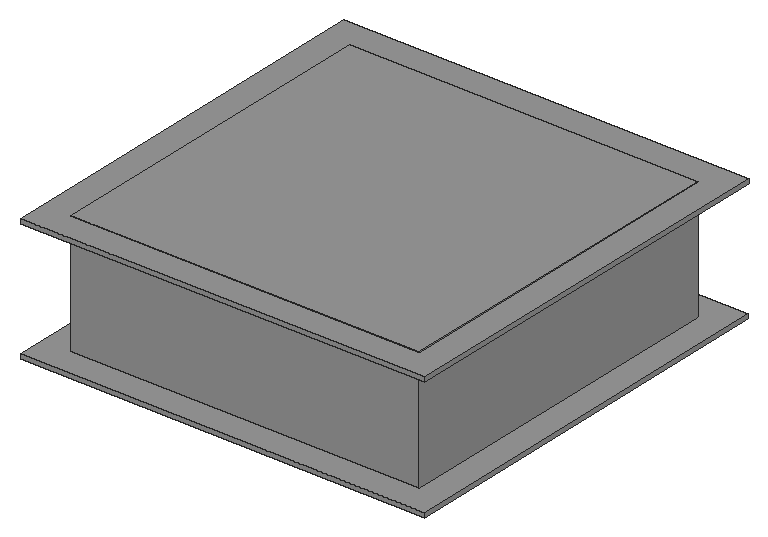
Revit family "НЕВАТОМ_Гибкая вставка AxB, Версия 1", category Обобщенные модели, Revit 2017
Family settings
  Может служить основой для арматурных стержней = Нет
  Размер круглого соединителя = Использовать диаметр
  Тип детали = Нормальный
  На основе рабочей плоскости = Нет
  Всегда вертикально = Да
  При загрузке вырезать с полостями = Нет
  Общий = Нет
  Точка расчета площади = Нет
Parameters
  Материал = Сталь
  Вставка ВГ = "НЕВАТОМ_Гибкая вставка VR_пр, Версия 1"  # constant formula
  t1 = L1 - 2 mm  # 54 mm
  t = 2 mm
  b = size_lookup(Вставка ВГ, "b", 160 mm, Type)  # 160 mm
  a = size_lookup(Вставка ВГ, "a", 160 mm, Type)  # 160 mm
  Type = 180 mm
  L1 = L - 4 mm  # 56 mm
  L = size_lookup(Вставка ВГ, "L", 60 mm, Type)  # 60 mm
  B2 = B - 25 mm  # 155 mm
  B = size_lookup(Вставка ВГ, "B", 180 mm, Type)  # 180 mm
  ADSK_Примечание = ""
  ADSK_Наименование = size_lookup(Вставка ВГ, "", "Гибкая вставка ВГ 180x180", Type)  # "Гибкая вставка ВГ 180x180"
  ADSK_Материал наименование = "Сталь"  # constant formula
  ADSK_Масса = size_lookup(Вставка ВГ, "M", 1.786, Type)  # 1.786
  ADSK_Марка = ADSK_Наименование  # "Гибкая вставка ВГ 180x180"
  ADSK_Код изделия = ""
  ADSK_Завод-изготовитель = "НЕВАТОМ"
  ADSK_Единица измерения = "шт."
  A1 = A - 25 mm  # 155 mm
  A = size_lookup(Вставка ВГ, "A", 180 mm, Type)  # 180 mm
Reference planes
  plane 1 "По центру (Вперед/Назад)": y = 0
  plane 2: z = 0
  plane 3 "По центру (Влево/Вправо)": x = 0
  plane 4: x = 90
  plane 5: x = -90
  plane 6: y = 90
  plane 7: y = -90
  plane 8: x = 77.5
  plane 9: x = -77.5
  plane 10: y = 77.5
  plane 11: y = -77.5
  plane 12: x = 90
  plane 13: x = -90
  plane 14: y = -90
  plane 15: y = 90
Forms (mm)
  Extrusion 1, solid, material "Сталь" <- "Материал"
    sketch origin (0, 0, 0) x (1, 0, 0) y (0, 1, 0)
      loop
        line (-90, 90) -> (-90, -90) -> (90, -90) -> (90, 90) -> (-90, 90)
    from 0 to 2 <- "t"
  Extrusion 2, solid, material "Сталь" <- "Материал"
    sketch origin (0, 0, 0) x (1, 0, 0) y (0, 1, 0)
      loop
        line (-77.5, 77.5) -> (-77.5, -77.5) -> (77.5, -77.5) -> (77.5, 77.5) -> (-77.5, 77.5)
    from 0 to 56 <- "L1"
  Extrusion 3, solid, material "Сталь" <- "Материал"
    sketch origin (0, 0, 0) x (1, 0, 0) y (0, 1, 0)
      loop
        line (-90, 90) -> (-90, -90) -> (90, -90) -> (90, 90) -> (-90, 90)
    from 56 <- "L1" to 54 <- "t1"
Lines and regions (mm)
  reference lines
    curve 1: line (-90, 90, 0) -> (90, 90, 0)
    curve 2: line (90, 90, 0) -> (90, -90, 0)
    curve 3: line (90, -90, 0) -> (-90, -90, 0)
    curve 4: line (-90, -90, 0) -> (-90, 90, 0)
    curve 5: line (-77.5, -77.5, 0) -> (-77.5, 77.5, 0)
    curve 6: line (-77.5, 77.5, 0) -> (77.5, 77.5, 0)
    curve 7: line (77.5, 77.5, 0) -> (77.5, -77.5, 0)
    curve 8: line (77.5, -77.5, 0) -> (-77.5, -77.5, 0)
    curve 9: line (-90, 90, 0) -> (90, 90, 0)
    curve 10: line (90, 90, 0) -> (90, -90, 0)
    curve 11: line (90, -90, 0) -> (-90, -90, 0)
    curve 12: line (-90, -90, 0) -> (-90, 90, 0)
Dimensions and locks
  equal spacing: plane 6, plane 1 "По центру (Вперед/Назад)", plane 7
  "A": plane 6 to plane 7
  equal spacing: plane 5, plane 3 "По центру (Влево/Вправо)", plane 4
  "B": plane 5 to plane 4
  equal spacing: plane 10, plane 1 "По центру (Вперед/Назад)", plane 11
  "A1": plane 10 to plane 11
  equal spacing: plane 9, plane 3 "По центру (Влево/Вправо)", plane 8
  "B2": plane 9 to plane 8
  equal spacing: plane 13, plane 3 "По центру (Влево/Вправо)", plane 12
  "B": plane 13 to plane 12
  equal spacing: plane 15, plane 1 "По центру (Вперед/Назад)", plane 14
  "A": plane 15 to plane 14
  aligned and locked: level to plane 2
  aligned and locked: plane 6 to curve 1
  aligned and locked: plane 4 to curve 2
  aligned and locked: plane 7 to curve 3
  aligned and locked: Extrusion 1 sketch curve to curve 1
  aligned and locked: Extrusion 1 sketch curve to curve 4
  aligned and locked: Extrusion 1 sketch curve to curve 3
  aligned and locked: Extrusion 1 sketch curve to curve 2
  aligned and locked: plane 11 to curve 8
  aligned and locked: plane 8 to curve 7
  aligned and locked: plane 10 to curve 6
  aligned and locked: plane 9 to curve 5
  aligned and locked: Extrusion 2 sketch curve to curve 6
  aligned and locked: Extrusion 2 sketch curve to curve 5
  aligned and locked: Extrusion 2 sketch curve to curve 8
  aligned and locked: Extrusion 2 sketch curve to curve 7
  aligned and locked: plane 12 to curve 10
  aligned and locked: plane 13 to curve 12
  aligned and locked: plane 14 to curve 11
  aligned and locked: Extrusion 3 sketch curve to curve 9
  aligned and locked: Extrusion 3 sketch curve to curve 12
  aligned and locked: Extrusion 3 sketch curve to curve 11
  aligned and locked: Extrusion 3 sketch curve to curve 10
Connectors
  hvac at (0, 0, 2), driven by "A1", driven by "B2"
    settings: on Extrusion 1, index 1, duct flow 0.0 L/s, flow factor 0, pres drop 0.0 Pa, loss coef 0, conn angle 0.00°, conn width 155 mm, conn height 155 mm, conn diameter 609.6 mm, duct sys type 1, conn prof type 1, flow config 0, flow direction 2, loss method 0, conn ref index 2, conn util no, is conn primary yes, conn desc ""
  hvac at (0, 0, 54), driven by "A1", driven by "B2"
    settings: on Extrusion 3, index 2, duct flow 0.0 L/s, flow factor 0, pres drop 0.0 Pa, loss coef 0, conn angle 0.00°, conn width 155 mm, conn height 155 mm, conn diameter 609.6 mm, duct sys type 1, conn prof type 1, flow config 0, flow direction 2, loss method 0, conn ref index 1, conn util no, is conn primary no, conn desc ""
